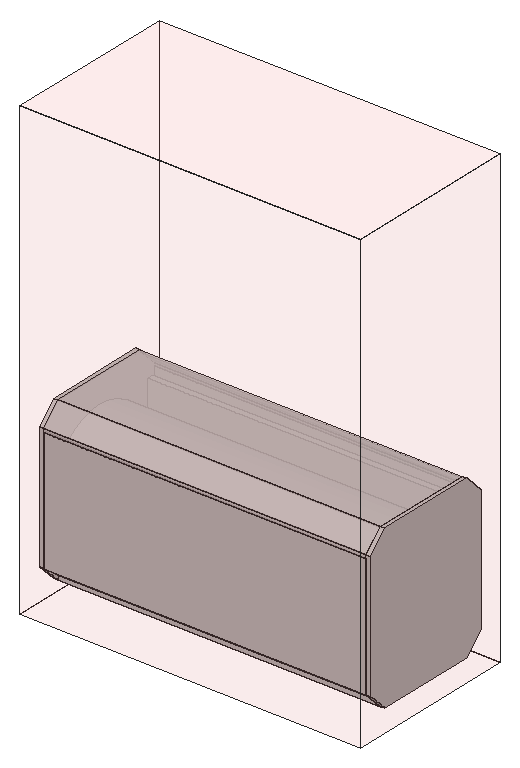
Revit family "Air-Curtain_Specialty_PoweredAire_LDX-Hazardous", category Mechanical Equipment, host Face, Revit 2022
Family settings
  Host = Face
  Round Connector Dimension = Use Diameter
  Part Type = Normal
  OmniClass Number = 23.75.35.17.21
  OmniClass Title = Air Curtains
  Cut with Voids When Loaded = No
  Maintain Annotation Orientation = No
  Shared = No
  Room Calculation Point = No
Parameters
  Warranty Duration (Years) = 0
  Unit Width Notes = "Other Widths available."  # constant formula
  Unit Width = 3' - 0"
  Unit Weight = 0
  Unit Height = 1' - 3"
  Unit Depth = 1' - 5 1/2"
  URL = "http://www.poweredaire.com/"
  Test Data = ""
  Standards Conformance = "as Specified"
  Specification = "http://www.arcat.com/sdspecs/htm04/23_34_33pai.htm"
  SpecWizard = ""
  Sound Pressure = "as Specified"
  Sales Information = "http://www.poweredaire.com/contact_us"
  Revision = "R1_2016-08"
  Projection from Host [instance] = 0' - 2"
  Product Properties = ""
  Product Data = "http://www.arcat.com/arcatcos/cos47/arc47623.html"
  Power Rating = 0 W
  Nozzle Width = if(1 = 1, Unit Width - 0' 1", 0' 0")  # 2' - 11"
  Mounting Width = if(1 = 1, Unit Width - 0' 0 15/16", 0' 0")  # 2' - 11 1/16"
  Mounting Height [instance] = 3' - 6"
  Motor RPM = 0
  Motor HP = 0
  Motor Count = 0
  Model = "As Specified"
  Max Height = 0' - 0"
  Manufacturer Website = "http://www.poweredaire.com/"
  Manufacturer Phone - Toll Free = "888-321-2473"
  Manufacturer Phone = "724-588-3305"
  Manufacturer Fax = "724-588-3371"
  Manufacturer Address = "109 Mortensen Rd.  Greenville, PA 16125"
  Manufacturer = "Powered Aire, Inc"
  Maintenance Schedule (Months) = 0
  Keynote = "23 34 33"
  Installation-Fabrication = ""
  Installation Phase = ""
  Include Clearance [instance] = yes
  Heating Element Load = 0 W
  HVAC_Temperature Rise = 0 °F
  HVAC_Outlet Volume = 0 CFM
  HVAC_Outlet Velocity Uniformity = 0
  HVAC_Outlet Velocity = 0 FPM
  Green Building-LEED = "http://www.arcat.com/green/clients/leed_data_47623.html"
  Front Grating Material [instance] = Metal - Steel - PoweredAire - Stainless 304 Perforated
  Frame Finish [instance] = Metal - Steel - PoweredAire - Stainless 304
  Expected Lifespan (Years) = 0
  Electrical_Wattage [instance] = Power Rating + Heating Element Load  # 0 W
  Electrical_Voltage [instance] = 0 V
  Electrical_Phase [instance] = 1
  Electrical_Frequency [instance] = 0 Hz
  Electrical_Amperage [instance] = 0 A
  Drawn By = "Sumex Design, Inc. / Robert S. Weygant, CSI, CDT, SCIP"
  Description = "Powered Aire Air Curtain as Specified"
  Default Elevation = 0' - 0"  # constant formula
  Copyright = "©Arcat Inc."
  Construction Details = "http://www.arcat.com/details/powair/prod3336.html"
  Clearance_Top [instance] = 0' - 2"
  Clearance_Side B [instance] = 0' - 0 1/2"
  Clearance_Side A [instance] = 0' - 0 1/2"
  Clearance_Intake [instance] = 2' - 6"
  Clearance_Bottom [instance] = 0' - 2"
  Clearance Material [instance] = ARCAT Clearance
  Building Codes = ""
  Available Options [instance] = "as Specified"
  Assembly Code = "D3090400"
Reference planes (in)
  plane 1 "Center (Elevation)": y = 0.13818
  plane 2: z = 0
  plane 3 "Center (Left/Right)": x = 0
  plane 4: y = 7.63818
  plane 5: y = -7.36182
  plane 6: x = -18
  plane 7: x = 18
  plane 8: z = 19.5
  plane 9 "FF": y = -41.86182
  plane 10: z = 2
  plane 11: x = 17.5
  plane 12: x = -17.5
  plane 13: y = 9.63818
  plane 14: y = -9.36182
  plane 15: x = -18.5
  plane 16: x = 18.5
  plane 17: z = 49.5
Forms (in)
  Extrusion 1, solid, material "Metal - Steel - PoweredAire - Stainless 304" <- "Frame Finish"
    sketch origin (0, 0, 0) x (0, 1, 0) y (0, 0, 1)
      loop
        line (5.69363, 2) -> (7.63818, 3.94454) -> (7.63818, 17.55546) -> (5.69363, 19.5) -> (-5.41728, 19.5) -> (-7.36182, 17.55546) -> (-7.36182, 3.94454) -> (-5.41728, 2) -> (5.69363, 2)
    from 17.5 to 18
  Extrusion 2, solid, material "Metal - Steel - PoweredAire - Stainless 304" <- "Frame Finish"
    sketch origin (0, 0, -0.5) x (0, 1, 0) y (0, 0, 1)
      loop
        circle (0.13818, 10.9739) r 6.25
      loop
        line (6.63818, 16.89427) -> (6.63818, 5.87829) -> (7.33849, 5.87829) -> (7.33849, 16.89427) -> (6.63818, 16.89427)
      loop
        line (-7.02798, 16.76927) -> (-7.02798, 5.75329) -> (-6.36182, 5.75329) -> (-6.36182, 16.76927) -> (-7.02798, 16.76927)
    from -17.5 to 17.5
  Extrusion 3, solid, material "Metal - Steel - PoweredAire - Stainless 304" <- "Frame Finish"
    sketch origin (0, 0, 0) x (0, 1, 0) y (0, 0, -1)
      loop
        line (5.69363, -2) -> (-5.41728, -2) -> (-7.36182, -3.94454) -> (-7.36182, -17.55546) -> (-5.41728, -19.5) -> (5.69363, -19.5) -> (7.63818, -17.55546) -> (7.63818, -3.94454) -> (5.69363, -2)
    from 17.5 to 18
  Extrusion 4, solid, material "Metal - Steel - PoweredAire - Stainless 304" <- "Frame Finish"
    sketch origin (0, 0, 0) x (0, 1, 0) y (0, 0, 1)
      loop
        line (-5.41728, 2) -> (5.69363, 2) -> (7.63818, 3.94454) -> (7.63818, 17.19454) -> (7.51318, 17.19454) -> (7.51318, 3.99632) -> (5.64186, 2.125) -> (-5.29228, 2.125) -> (-5.29228, 4.06954) -> (-7.23682, 4.06954) -> (-7.23682, 17.19454) -> (-7.36182, 17.19454) -> (-7.36182, 3.94454) -> (-5.41728, 3.94454) -> (-5.41728, 2)
      loop
        line (-6.64819, 3.61034) -> (-5.8702, 2.83235) -> (-5.74472, 2.95783) -> (-6.52271, 3.73583) -> (-6.64819, 3.61034)
    from -17.5 to 17.5
  Extrusion 5, solid, material "Metal - Steel - PoweredAire - Stainless 304 Perforated" <- "Front Grating Material"
    sketch origin (0, 0, 0) x (0, 1, 0) y (0, 0, 1)
      loop
        line (-7.36182, 17.19454) -> (-7.23682, 17.19454) -> (-7.23682, 17.50368) -> (-5.3655, 19.375) -> (5.64186, 19.375) -> (7.51318, 17.50368) -> (7.51318, 17.19454) -> (7.63818, 17.19454) -> (7.63818, 17.55546) -> (5.69363, 19.5) -> (-5.41728, 19.5) -> (-7.36182, 17.55546) -> (-7.36182, 17.19454)
    from -17.5 to 17.5
  Extrusion 6, solid, material "ARCAT Clearance" <- "Clearance Material", visible <- "Include Clearance"
    sketch origin (0, 0, 0) x (0, 1, 0) y (0, 0, 1)
      loop
        line (-9.36182, 49.5) -> (-9.36182, 0) -> (9.63818, 0) -> (9.63818, 49.5) -> (-9.36182, 49.5)
    from -18.5 to 18.5
Dimensions and locks (in)
  equal spacing: plane 4, plane 1 "Center (Elevation)", plane 5
  "Unit Height": plane 4 to plane 5
  equal spacing: plane 6, plane 3 "Center (Left/Right)", plane 7
  "Unit Width": plane 6 to plane 7
  "Mounting Height": plane 1 "Center (Elevation)" to plane 9 "FF"
  "Projection from Host": plane 10 to level
  "Unit Depth": plane 8 to plane 10
  locked: plane 6 to plane 12 at 0.5
  locked: plane 11 to plane 7 at 0.5
  "Clearance_Side A": plane 7 to plane 16
  "Clearance_Side B": plane 15 to plane 6
  "Clearance_Top": plane 13 to plane 4
  "Clearance_Bottom": plane 5 to plane 14
  "Clearance_Intake": plane 17 to plane 8
  aligned and locked: plane 2 to host face
  aligned and locked: level to host face
  aligned and locked: plane 7 to Extrusion 1
  aligned and locked: Extrusion 1 to plane 11
  aligned and locked: plane 12 to Extrusion 3
  aligned and locked: Extrusion 3 to plane 6
  aligned and locked: Extrusion 2 to plane 12
  aligned and locked: plane 11 to Extrusion 2
  aligned and locked: plane 11 to Extrusion 4
  aligned and locked: Extrusion 4 to plane 12
  aligned and locked: plane 11 to Extrusion 5
  aligned and locked: Extrusion 5 to plane 12
  aligned and locked: Extrusion 6 sketch curve to plane 17
  aligned and locked: plane 14 to Extrusion 6 sketch curve
  aligned and locked: level to Extrusion 6 sketch curve
  aligned and locked: Extrusion 6 sketch curve to plane 13
  aligned and locked: plane 16 to Extrusion 6
  aligned and locked: Extrusion 6 to plane 15
Automatic sketch dimensions
  host sketch curve to host sketch curve = 8' - 0"  (x2)
  Extrusion 1 sketch curve to plane 5 = 0' - 0"
  Extrusion 1 sketch curve to plane 8 = 0' - 0"
  Extrusion 1 sketch curve to plane 10 = 0' - 0"
  Extrusion 1 sketch curve to plane 4 = 0' - 0"
  plane 5 to Extrusion 1 sketch curve = 0' - 1.94454"  (x2)
  Extrusion 1 sketch curve to plane 4 = 0' - 1.94454"  (x2)
  plane 10 to Extrusion 1 sketch curve = 0' - 1.94454"  (x2)
  Extrusion 1 sketch curve to plane 8 = 0' - 1.94454"  (x2)
  Extrusion 2 sketch curve to plane 1 "Center (Elevation)" = 0' - 0"
  plane 5 to Extrusion 2 sketch curve = 0' - 1"
  plane 5 to Extrusion 2 sketch curve = 0' - 0.33384"
  Extrusion 2 sketch curve to plane 4 = 0' - 1"
  Extrusion 2 sketch curve to plane 4 = 0' - 0.29969"
  plane 10 to Extrusion 2 sketch curve = 0' - 3.37829"
  plane 10 to Extrusion 2 sketch curve = 0' - 3.25329"
  Extrusion 2 sketch curve to plane 8 = 0' - 9.0261"
  Extrusion 2 sketch curve to plane 8 = 0' - 3.23073"
  Extrusion 2 sketch curve to plane 8 = 0' - 3.10573"
  Extrusion 3 sketch curve to plane 5 = 0' - 0"
  Extrusion 3 sketch curve to plane 8 = 0' - 0"
  Extrusion 3 sketch curve to plane 10 = 0' - 0"
  Extrusion 3 sketch curve to plane 4 = 0' - 0"
  plane 5 to Extrusion 3 sketch curve = 0' - 1.94454"  (x2)
  Extrusion 3 sketch curve to plane 4 = 0' - 1.94454"  (x2)
  Extrusion 3 sketch curve to plane 8 = 0' - 1.94454"  (x2)
  plane 10 to Extrusion 3 sketch curve = 0' - 1.94454"  (x2)
  Extrusion 4 sketch curve to plane 5 = 0' - 0"
  Extrusion 4 sketch curve to plane 10 = 0' - 0"
  Extrusion 4 sketch curve to plane 4 = 0' - 0"
  plane 5 to Extrusion 4 sketch curve = 0' - 0 1/8"
  plane 5 to Extrusion 4 sketch curve = 0' - 0.71363"
  Extrusion 4 sketch curve to Extrusion 4 sketch curve = 0' - 0.12548"  (x2)
  Extrusion 4 sketch curve to Extrusion 4 sketch curve = 0' - 0.778"
  Extrusion 4 sketch curve to Extrusion 4 sketch curve = 0' - 0.32744"
  Extrusion 4 sketch curve to Extrusion 4 sketch curve = 0' - 0 1/8"  (x2)
  plane 10 to Extrusion 4 sketch curve = 0' - 0 1/8"
  Extrusion 4 sketch curve to plane 4 = 0' - 1.99632"
  Extrusion 4 sketch curve to Extrusion 4 sketch curve = 0' - 0.05178"  (x2)
  plane 10 to Extrusion 4 sketch curve = 0' - 0.83235"
  plane 10 to Extrusion 4 sketch curve = 0' - 1.94454"
  Extrusion 4 sketch curve to Extrusion 4 sketch curve = 0' - 0.3342"
  Extrusion 4 sketch curve to plane 4 = 0' - 0 1/8"
  Extrusion 4 sketch curve to plane 8 = 0' - 2.30546"  (x2)
  Extrusion 5 sketch curve to plane 5 = 0' - 0"
  Extrusion 5 sketch curve to plane 8 = 0' - 0"
  Extrusion 5 sketch curve to plane 4 = 0' - 0"
  plane 5 to Extrusion 5 sketch curve = 0' - 0 1/8"
  plane 5 to Extrusion 5 sketch curve = 0' - 1.94454"
  Extrusion 5 sketch curve to plane 8 = 0' - 0 1/8"
  Extrusion 5 sketch curve to Extrusion 5 sketch curve = 0' - 0.05178"  (x4)
  Extrusion 5 sketch curve to plane 4 = 0' - 1.99632"
  Extrusion 5 sketch curve to plane 8 = 0' - 1.94454"  (x2)
  Extrusion 5 sketch curve to Extrusion 5 sketch curve = 0' - 0 1/8"
  Extrusion 5 sketch curve to Extrusion 5 sketch curve = 0' - 0.30914"  (x2)
  radius of Extrusion 2 sketch curve = 0' - 6 1/4"
Connectors (in)
  electrical at (0, 7.63818, 10.56954), driven by "Electrical_Phase", driven by "Electrical_Voltage"
    settings: on Extrusion 4, index 1, voltage 0 V, apparent load 0 VA, apparent load phase1 0 VA, apparent load phase2 0 VA, apparent load phase3 0 VA, power factor 1, load classification "Motor", number of poles 1, system type 31, power factor state 1, is connector primary yes, connector utility no, sub classification motor no, connector description ""
